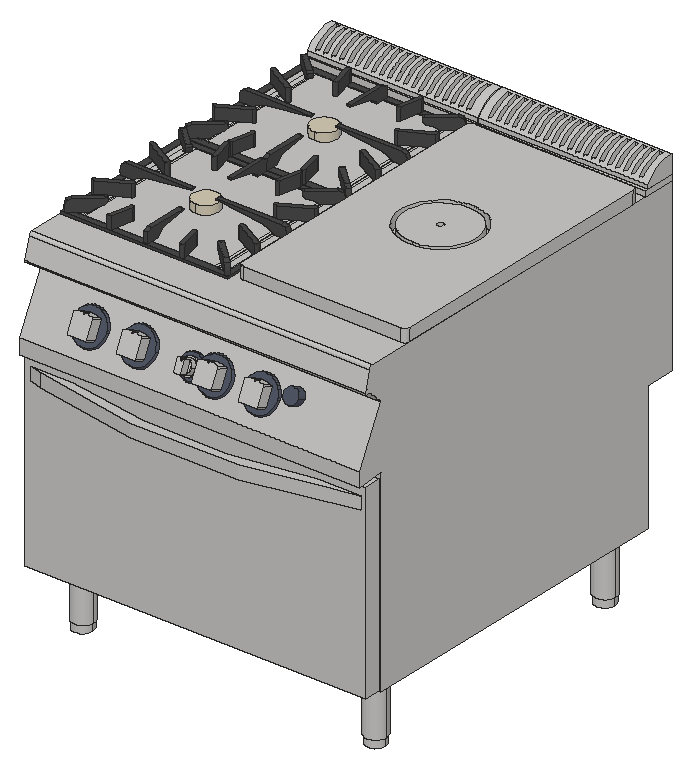
Revit family "QF_ZANUSSI_392264_Z9STGH10GA", category Specialty Equipment, Revit 2018
Family settings
  Round Connector Dimension = Use Diameter
  Part Type = Normal
  Work Plane-Based = No
  Always vertical = Yes
  Cut with Voids When Loaded = No
  Shared = No
  Room Calculation Point = No
Parameters (values of type "Standard")
  Weight = 171.00 kg
  Watts = 0 W
  Volts = 0 V
  URL Manufacturer = "http://www.zanussiprofessional.com"
  URL = "http://www.zanussiprofessional.com"
  Steam Supply Size = 0"
  Steam Supply Minimum Pressure = 0.00 psi
  Steam Supply Maximum Pressure = 0.00 psi
  Steam Pounds per Hour = 0
  Show Logo [instance] = yes
  Show Clearance [instance] = yes
  Refrigeration Suction Line Size = 0"
  Refrigeration Liquid Line Size = 0"
  Refrigerant Compressor Remote = yes
  Phase = 0
  Model = "Z9STGH10GA"
  Manufacturer = "Zanussi"
  Length Actual = 800 mm  # constant formula
  Item Number = "392264"
  Hot Water Size = 0"
  Height Actual = 850 mm  # constant formula
  HP = "0 HP"
  Gas Size = 1/2"
  Gas KW = 19
  Gas Input Pressure = 0.637167 Btu/h
  Direct Waste Size = 0"
  Description = "GAS SOLID TOP + GAS OVEN 800MM (AGA)"
  Depth Actual = 900 mm  # constant formula
  Cycle = 0 Hz
  Condensate Return Size = 0"
  Compressed Air Volume = 0 GPM
  Compressed Air Size = 0"
  Compressed Air Pressure = 0.00 psi
  Cold Water Size = 0"
  Assembly Code = ""
  Accessory = yes
Reference planes
  plane 1 "BACK": y = 0
  plane 2: z = 0
  plane 3 "LEFT": x = 0
  plane 4 "RIGHT": x = 800
  plane 5 "FRONT": y = -915
  plane 6 "TOP": z = 908
  plane 7 "Center Y": x = 400
  plane 8 "Center X": y = -457.5
  plane 9 "Base": z = 150
  plane 10: z = 850
  plane 11: y = -126
  plane 12: y = -800
  plane 13: y = -1309
  plane 14: y = -663.871
  plane 15: y = -576
Forms (mm)
  Revolve 1, solid, material "QF_Finishes_Stainless Steel"
    sketch origin (1, -126, 0) x (1, 0, 0) y (0, 0, 1)
      loop
        line (55, 0) -> (55, 150) -> (29.6, 150) -> (29.6, 19.05) -> (32.1, 19.05) -> (32.1, 0) -> (55, 0)
      axis (55, 0) -> (55, 150)
    angle from 0 to 360
  Revolve 2, solid, material "QF_Finishes_Stainless Steel"
    sketch origin (1, -799.458, 0) x (1, 0, 0) y (0, 0, 1)
      loop
        line (55, 0) -> (55, 150) -> (29.6, 150) -> (29.6, 19.05) -> (32.1, 19.05) -> (32.1, 0) -> (55, 0)
      axis (55, 0) -> (55, 150)
    angle from 0 to 360
  Revolve 3, solid, material "QF_Finishes_Stainless Steel"
    sketch origin (799, -126, 0) x (-1, 0, 0) y (0, 0, -1)
      loop
        line (55, 0) -> (32.1, 0) -> (32.1, -19.05) -> (29.6, -19.05) -> (29.6, -150) -> (55, -150) -> (55, 0)
      axis (55, 0) -> (55, -150)
    angle from 0 to 360
  Revolve 4, solid, material "QF_Finishes_Stainless Steel"
    sketch origin (799, -799.458, 0) x (-1, 0, 0) y (0, 0, -1)
      loop
        line (55, 0) -> (32.1, 0) -> (32.1, -19.05) -> (29.6, -19.05) -> (29.6, -150) -> (55, -150) -> (55, 0)
      axis (55, 0) -> (55, -150)
    angle from 0 to 360
  Extrusion 5, solid, material "QF_Finishes_Stainless Steel"
    sketch origin (0, 0, 0) x (0, 1, 0) y (0, 0, 1)
      loop
        line (0, 450.038) -> (0, 850) -> (-879.358, 850)
        arc (-879.358, 850) -> (-884.643, 847.811) -> (-886.833, 842.526) r 7.474
        line (-886.833, 842.526) -> (-899.884, 797.011)
        arc (-899.884, 797.011) -> (-899.396, 794.379) -> (-897, 793.184) r 3
        line (-897, 793.184) -> (-886.802, 793.184) -> (-854.982, 761.364) -> (-915, 640.508) -> (-915, 605.508) -> (-858.645, 613.428)
        arc (-858.645, 613.428) -> (-856.101, 612.674) -> (-855, 610.259) r 3.2
        line (-855, 610.259) -> (-855, 150) -> (-71.437, 150) -> (-71.437, 450.038) -> (0, 450.038)
      loop
        line (-900, 600) -> (-900, 155) -> (-860, 155) -> (-860, 600) -> (-900, 600)
    from 0 to 800
  Extrusion 6, solid, material "QF_Finishes_Stainless Steel"
    sketch origin (0, -199.871, 576.213) x (0, 1, 0) y (0, 0, 1)
      loop
        line (199.871, 273.787) -> (199.871, 288.075) -> (123.671, 288.075) -> (123.671, 273.787) -> (199.871, 273.787)
    from 0 to 800
  Extrusion 7, void
    sketch origin (134.989, 0, 865.138) x (-1, 0, 0) y (0, -1, 0)
      loop
        line (-295.005, 6.761) -> (-285.709, 6.761) -> (-285.709, 63.911) -> (-295.005, 63.911) -> (-295.005, 6.761)
      loop
        line (-313.697, 6.761) -> (-304.401, 6.761) -> (-304.401, 63.911) -> (-313.697, 63.911) -> (-313.697, 6.761)
      loop
        line (-332.39, 6.761) -> (-323.094, 6.761) -> (-323.094, 63.911) -> (-332.39, 63.911) -> (-332.39, 6.761)
      loop
        line (-351.082, 6.761) -> (-341.787, 6.761) -> (-341.787, 63.911) -> (-351.082, 63.911) -> (-351.082, 6.761)
      loop
        line (-369.775, 6.761) -> (-360.479, 6.761) -> (-360.479, 63.911) -> (-369.775, 63.911) -> (-369.775, 6.761)
      loop
        line (-388.468, 6.761) -> (-379.172, 6.761) -> (-379.172, 63.911) -> (-388.468, 63.911) -> (-388.468, 6.761)
      loop
        line (-407.16, 6.761) -> (-397.864, 6.761) -> (-397.864, 63.911) -> (-407.16, 63.911) -> (-407.16, 6.761)
      loop
        line (-425.853, 6.761) -> (-416.557, 6.761) -> (-416.557, 63.911) -> (-425.853, 63.911) -> (-425.853, 6.761)
      loop
        line (-444.545, 6.761) -> (-435.25, 6.761) -> (-435.25, 63.911) -> (-444.545, 63.911) -> (-444.545, 6.761)
      loop
        line (-463.238, 6.761) -> (-453.942, 6.761) -> (-453.942, 63.911) -> (-463.238, 63.911) -> (-463.238, 6.761)
      loop
        line (-481.931, 6.761) -> (-472.635, 6.761) -> (-472.635, 63.911) -> (-481.931, 63.911) -> (-481.931, 6.761)
      loop
        line (-500.623, 6.761) -> (-491.328, 6.761) -> (-491.328, 63.911) -> (-500.623, 63.911) -> (-500.623, 6.761)
      loop
        line (-519.316, 6.761) -> (-510.02, 6.761) -> (-510.02, 63.911) -> (-519.316, 63.911) -> (-519.316, 6.761)
      loop
        line (-538.008, 6.761) -> (-528.713, 6.761) -> (-528.713, 63.911) -> (-538.008, 63.911) -> (-538.008, 6.761)
      loop
        line (-556.701, 6.761) -> (-547.405, 6.761) -> (-547.405, 63.911) -> (-556.701, 63.911) -> (-556.701, 6.761)
      loop
        line (-575.394, 6.761) -> (-566.098, 6.761) -> (-566.098, 63.911) -> (-575.394, 63.911) -> (-575.394, 6.761)
      loop
        line (-594.086, 6.761) -> (-584.791, 6.761) -> (-584.791, 63.911) -> (-594.086, 63.911) -> (-594.086, 6.761)
      loop
        line (-612.779, 6.761) -> (-603.483, 6.761) -> (-603.483, 63.911) -> (-612.779, 63.911) -> (-612.779, 6.761)
      loop
        line (-631.472, 6.761) -> (-622.176, 6.761) -> (-622.176, 63.911) -> (-631.472, 63.911) -> (-631.472, 6.761)
      loop
        line (-650.164, 6.761) -> (-640.868, 6.761) -> (-640.868, 63.911) -> (-650.164, 63.911) -> (-650.164, 6.761)
    from 9.525 to 45.348
  Extrusion 8, solid, material "QF_Finishes_Stainless Steel"
    sketch origin (0, 0, 590.5) x (0, 1, 0) y (0, 0, 1)
      loop
        line (0, 273.788) -> (0, 317.5)
        arc (0, 317.5) -> (-39.072, 308.879) -> (-69.85, 283.313) r 84.854
        line (-69.85, 283.313) -> (-69.85, 273.788) -> (0, 273.788)
    from 400 to 800
  Extrusion 9, solid, material "QF_Finishes_Stainless Steel"
    sketch origin (0, -852.093, 150) x (1, 0, 0) y (0, -1, 0)
      loop
        circle (747.612, -188.222) r 6.4
    from 0 to 21
  Extrusion 10, solid, material "QF_Clearances", visible <- "Show Clearance", detail levels coarse
    sketch origin (0, -199.871, 0) x (1, 0, 0) y (0, 1, 0)
      loop
        line (-100, -715.129) -> (0, -715.129) -> (0, 199.871) -> (800, 199.871) -> (800, -715.129) -> (900, -715.129) -> (900, 299.871) -> (-100, 299.871) -> (-100, -715.129)
    from 0 to 908.85
  Extrusion 11, solid, material "QF_Finishes_Stainless Steel"
    sketch origin (17.4, -199.871, 850.85) x (0, -1, 0) y (1, 0, 0)
      loop
        arc (-99.871, 401.6) -> (-96.151, 392.62) -> (-87.171, 388.9) r 12.7
        line (-87.171, 388.9) -> (568.629, 388.9)
        arc (568.629, 388.9) -> (577.609, 392.62) -> (581.329, 401.6) r 12.7
        line (581.329, 401.6) -> (581.329, 769.9)
        arc (581.329, 769.9) -> (577.609, 778.88) -> (568.629, 782.6) r 12.7
        line (568.629, 782.6) -> (-87.171, 782.6)
        arc (-87.171, 782.6) -> (-96.151, 778.88) -> (-99.871, 769.9) r 12.7
        line (-99.871, 769.9) -> (-99.871, 401.6)
      loop
        circle (233.229, 585.75) r 82.55
      loop
        circle (233.229, 585.75) r 7
      loop
        arc (170.513, 654.365) -> (166.164, 650.514) -> (162.062, 646.399) r 93.382
        arc (162.062, 646.399) -> (199.866, 498.594) -> (325.801, 584.71) r 93.112
        arc (325.801, 584.71) -> (271.009, 670.485) -> (170.513, 654.365) r 92.763
    from 0 to 28.575
  Extrusion 12, solid, material "QF_Finishes_Stainless Steel"
    sketch origin (0, -852.093, 150) x (1, 0, 0) y (0, -1, 0)
      loop
        circle (757, -276.093) r 12.7
    from 0 to 21
  Extrusion 13, void
    sketch origin (665.011, 0, 865.138) x (1, 0, 0) y (0, 1, 0)
      loop
        line (-295.005, -6.761) -> (-295.005, -63.911) -> (-285.709, -63.911) -> (-285.709, -6.761) -> (-295.005, -6.761)
      loop
        line (-313.697, -6.761) -> (-313.697, -63.911) -> (-304.401, -63.911) -> (-304.401, -6.761) -> (-313.697, -6.761)
      loop
        line (-332.39, -6.761) -> (-332.39, -63.911) -> (-323.094, -63.911) -> (-323.094, -6.761) -> (-332.39, -6.761)
      loop
        line (-351.082, -6.761) -> (-351.082, -63.911) -> (-341.787, -63.911) -> (-341.787, -6.761) -> (-351.082, -6.761)
      loop
        line (-369.775, -6.761) -> (-369.775, -63.911) -> (-360.479, -63.911) -> (-360.479, -6.761) -> (-369.775, -6.761)
      loop
        line (-388.468, -6.761) -> (-388.468, -63.911) -> (-379.172, -63.911) -> (-379.172, -6.761) -> (-388.468, -6.761)
      loop
        line (-407.16, -6.761) -> (-407.16, -63.911) -> (-397.864, -63.911) -> (-397.864, -6.761) -> (-407.16, -6.761)
      loop
        line (-425.853, -6.761) -> (-425.853, -63.911) -> (-416.557, -63.911) -> (-416.557, -6.761) -> (-425.853, -6.761)
      loop
        line (-444.545, -6.761) -> (-444.545, -63.911) -> (-435.25, -63.911) -> (-435.25, -6.761) -> (-444.545, -6.761)
      loop
        line (-463.238, -6.761) -> (-463.238, -63.911) -> (-453.942, -63.911) -> (-453.942, -6.761) -> (-463.238, -6.761)
      loop
        line (-481.931, -6.761) -> (-481.931, -63.911) -> (-472.635, -63.911) -> (-472.635, -6.761) -> (-481.931, -6.761)
      loop
        line (-500.623, -6.761) -> (-500.623, -63.911) -> (-491.328, -63.911) -> (-491.328, -6.761) -> (-500.623, -6.761)
      loop
        line (-519.316, -6.761) -> (-519.316, -63.911) -> (-510.02, -63.911) -> (-510.02, -6.761) -> (-519.316, -6.761)
      loop
        line (-538.008, -6.761) -> (-538.008, -63.911) -> (-528.713, -63.911) -> (-528.713, -6.761) -> (-538.008, -6.761)
      loop
        line (-556.701, -6.761) -> (-556.701, -63.911) -> (-547.405, -63.911) -> (-547.405, -6.761) -> (-556.701, -6.761)
      loop
        line (-575.394, -6.761) -> (-575.394, -63.911) -> (-566.098, -63.911) -> (-566.098, -6.761) -> (-575.394, -6.761)
      loop
        line (-594.086, -6.761) -> (-594.086, -63.911) -> (-584.791, -63.911) -> (-584.791, -6.761) -> (-594.086, -6.761)
      loop
        line (-612.779, -6.761) -> (-612.779, -63.911) -> (-603.483, -63.911) -> (-603.483, -6.761) -> (-612.779, -6.761)
      loop
        line (-631.472, -6.761) -> (-631.472, -63.911) -> (-622.176, -63.911) -> (-622.176, -6.761) -> (-631.472, -6.761)
      loop
        line (-650.164, -6.761) -> (-650.164, -63.911) -> (-640.868, -63.911) -> (-640.868, -6.761) -> (-650.164, -6.761)
    from 9.525 to 45.348
  Extrusion 14, solid, material "QF_Finishes_Stainless Steel"
    sketch origin (800, 0, 590.5) x (0, 1, 0) y (0, 0, -1)
      loop
        line (0, -273.788) -> (-69.85, -273.788) -> (-69.85, -283.313)
        arc (-69.85, -283.313) -> (-39.072, -308.879) -> (0, -317.5) r 84.854
        line (0, -317.5) -> (0, -273.788)
    from 400 to 800
  Blend 15, solid, material "QF_Finishes_Navy Blue"
    base sketch origin (435.05, -884.991, 700.936) x (1, 0, 0) y (0, 0.444781, 0.895639)
      loop
        arc (-35.05, -24.037) -> (42.5, 0) -> (-35.05, 24.037) r 42.5
        arc (-35.05, 24.037) -> (-83, 0) -> (-35.05, -24.037) r 30
    top sketch origin (435.05, -884.991, 700.936) x (1, 0, 0) y (0, 0.444781, 0.895639)
      loop
        arc (-34.578, -21.086) -> (40.5, 0) -> (-34.578, 21.086) r 40.5
        arc (-34.578, 21.086) -> (-81, 0) -> (-34.578, -21.086) r 28
    from 0 to 5
  Extrusion 16, solid, material "QF_Finishes_Stainless Steel"
    sketch origin (202.55, -884.991, 700.936) x (1, 0, 0) y (0, 0.444781, 0.895639)
      loop
        circle (177.499, -0.341) r 20
    from 5 to 10
  Extrusion 17, solid, material "QF_Finishes_Stainless Steel"
    sketch origin (202.55, -884.991, 700.936) x (1, 0, 0) y (0, 0.444781, 0.895639)
      loop
        arc (211.353, 22.789) -> (210.006, 21.685) -> (209.5, 20.019) r 2.997
        line (209.5, 20.019) -> (209.5, -20.019)
        arc (209.5, -20.019) -> (210.378, -22.138) -> (212.497, -23.016) r 2.997
        line (212.497, -23.016) -> (252.503, -23.016)
        arc (252.503, -23.016) -> (254.622, -22.138) -> (255.5, -20.019) r 2.997
        line (255.5, -20.019) -> (255.5, 20.019)
        arc (255.5, 20.019) -> (254.994, 21.685) -> (253.647, 22.789) r 2.997
        arc (253.647, 22.789) -> (232.5, 26.984) -> (211.353, 22.789) r 55.4
    from 5 to 34
  Extrusion 18, solid, material "QF_Finishes_Stainless Steel"
    sketch origin (202.55, -884.991, 700.936) x (1, 0, 0) y (0, 0.444781, 0.895639)
      loop
        circle (177.499, -0.341) r 16
    from 10 to 40
  Extrusion 19, void
    sketch origin (435.05, -884.991, 700.936) x (1, 0, 0) y (0, -0.895639, 0.444781)
      loop
        line (-62.999, 24.837) -> (-62.999, 40) -> (-71.893, 40) -> (-71.893, 22) -> (-65.835, 22)
        arc (-65.835, 22) -> (-63.827, 22.828) -> (-62.999, 24.837) r 2.827
      loop
        arc (-47.003, 24.837) -> (-46.175, 22.828) -> (-44.167, 22) r 2.827
        line (-44.167, 22) -> (-38.109, 22) -> (-38.109, 40) -> (-47.003, 40) -> (-47.003, 24.837)
    from -20.019 to 20.019
  Extrusion 20, solid, material "QF_Plastic-Black-Matte"
    sketch origin (492.55, -884.991, 700.936) x (0, 0.444781, 0.895639) y (0, -0.895639, 0.444781)
      loop
        line (26.984, 34) -> (26.984, 19) -> (27.984, 19) -> (27.984, 34)
        arc (27.984, 34) -> (27.691, 34.707) -> (26.984, 35) r 1
        line (26.984, 35) -> (23.984, 35) -> (23.984, 34) -> (26.984, 34)
    from -58.5 to -56.5
  Extrusion 21, solid, material "QF_Plastic-Black-Matte"
    sketch origin (380.048, -1018.425, 432.244) x (0, -0.444781, -0.895639) y (0, -0.895639, 0.444781)
      loop
        line (-310.284, 39.984) -> (-310.284, 40.984) -> (-312.9, 40.984)
        arc (-312.9, 40.984) -> (-315.562, 39.882) -> (-316.664, 37.22) r 3.764
        line (-316.664, 37.22) -> (-316.664, 25.027) -> (-315.664, 25.027) -> (-315.664, 37.22)
        arc (-315.664, 37.22) -> (-314.855, 39.175) -> (-312.9, 39.984) r 2.764
        line (-312.9, 39.984) -> (-310.284, 39.984)
    from 1 to -1
  Extrusion 22, solid, material "QF_Finishes_Navy Blue"
    sketch origin (677.524, -876.095, 718.849) x (1, 0, 0) y (0, 0.444781, 0.895639)
      loop
        circle (-55.001, 0) r 18
    from 3 to 23
  Extrusion 23, solid, material "QF_Finishes_Stainless Steel"
    sketch origin (538.523, -876.095, 718.849) x (1, 0, 0) y (0, 0.444781, 0.895639)
      loop
        circle (84, 0) r 15
    from 3 to 0
  Blend 24, solid, material "QF_Finishes_Navy Blue"
    base sketch origin (142.5, -884.991, 700.936) x (1, 0, 0) y (0, 0.444781, 0.895639)
      loop
        circle (0, 0) r 42.5
    top sketch origin (142.5, -884.991, 700.936) x (1, 0, 0) y (0, 0.444781, 0.895639)
      loop
        circle (0, 0) r 40.5
    from 0 to 5
  Extrusion 25, solid, material "QF_Finishes_Stainless Steel"
    sketch origin (142.5, -884.991, 700.936) x (1, 0, 0) y (0, 0.444781, 0.895639)
      loop
        arc (-21.147, 22.789) -> (-22.494, 21.685) -> (-23, 20.019) r 2.997
        line (-23, 20.019) -> (-23, -20.019)
        arc (-23, -20.019) -> (-22.122, -22.138) -> (-20.003, -23.016) r 2.997
        line (-20.003, -23.016) -> (20.003, -23.016)
        arc (20.003, -23.016) -> (22.122, -22.138) -> (23, -20.019) r 2.997
        line (23, -20.019) -> (23, 20.019)
        arc (23, 20.019) -> (22.494, 21.685) -> (21.147, 22.789) r 2.997
        arc (21.147, 22.789) -> (0, 26.984) -> (-21.147, 22.789) r 55.4
    from 10 to 34
  Extrusion 26, solid, material "QF_Plastic-Black-Matte"
    sketch origin (200, -884.991, 700.936) x (0, 0.444781, 0.895639) y (0, -0.895639, 0.444781)
      loop
        line (26.984, 34) -> (26.984, 19) -> (27.984, 19) -> (27.984, 34)
        arc (27.984, 34) -> (27.691, 34.707) -> (26.984, 35) r 1
        line (26.984, 35) -> (23.984, 35) -> (23.984, 34) -> (26.984, 34)
    from -58.5 to -56.5
  Extrusion 27, solid, material "QF_Finishes_Stainless Steel"
    sketch origin (142.5, -884.991, 700.936) x (1, 0, 0) y (0, 0.444781, 0.895639)
      loop
        line (17.5, 17.5) -> (-17.5, 17.5) -> (-17.5, -17.5) -> (17.5, -17.5) -> (17.5, 17.5)
    from 5 to 10
  Extrusion 28, solid, material "QF_Plastic-Black-Matte"
    sketch origin (200, -884.991, 700.936) x (0, 0.444781, 0.895639) y (0, 0.895639, -0.444781)
      loop
        line (26.984, -34) -> (23.984, -34) -> (23.984, -35) -> (26.984, -35)
        arc (26.984, -35) -> (27.691, -34.707) -> (27.984, -34) r 1
        line (27.984, -34) -> (27.984, -19) -> (26.984, -19) -> (26.984, -34)
    from -58.5 to -56.5
  Extrusion 29, solid, material "QF_Finishes_Stainless Steel"
    sketch origin (257.5, -884.991, 700.936) x (-1, 0, 0) y (0, -0.444781, -0.895639)
      loop
        line (17.5, -17.5) -> (17.5, 17.5) -> (-17.5, 17.5) -> (-17.5, -17.5) -> (17.5, -17.5)
    from 5 to 10
  Blend 30, solid, material "QF_Finishes_Navy Blue"
    base sketch origin (257.5, -884.991, 700.936) x (1, 0, 0) y (0, 0.444781, 0.895639)
      loop
        circle (0, 0) r 42.5
    top sketch origin (257.5, -884.991, 700.936) x (1, 0, 0) y (0, 0.444781, 0.895639)
      loop
        circle (0, 0) r 40.5
    from 0 to 5
  Extrusion 31, solid, material "QF_Finishes_Stainless Steel"
    sketch origin (257.5, -884.991, 700.936) x (-1, 0, 0) y (0, -0.444781, -0.895639)
      loop
        arc (-21.147, -22.789) -> (0, -26.984) -> (21.147, -22.789) r 55.4
        arc (21.147, -22.789) -> (22.494, -21.685) -> (23, -20.019) r 2.997
        line (23, -20.019) -> (23, 20.019)
        arc (23, 20.019) -> (22.122, 22.138) -> (20.003, 23.016) r 2.997
        line (20.003, 23.016) -> (-20.003, 23.016)
        arc (-20.003, 23.016) -> (-22.122, 22.138) -> (-23, 20.019) r 2.997
        line (-23, 20.019) -> (-23, -20.019)
        arc (-23, -20.019) -> (-22.494, -21.685) -> (-21.147, -22.789) r 2.997
    from 10 to 34
  Extrusion 32, solid, material "QF_Finishes_Stainless Steel"
    sketch origin (0, -1051.437, 140.616) x (1, 0, 0) y (0, -1, 0)
      loop
        circle (757.1, -277.437) r 6.4
    from 0 to 3.2
  Extrusion 33, solid, material "QF_Finishes_Door Clearance", visible <- "Show Clearance", detail levels coarse
    sketch origin (0, -200, 0) x (0, 1, 0) y (0, 0, 1)
      loop
        arc (-700, 600) -> (-991.621, 457.58) -> (-1108.972, 155) r 445
        line (-1108.972, 155) -> (-700, 155) -> (-700, 600)
    from 0 to 800
  Extrusion 34, solid, material "QF_Finishes_Stainless Steel"
    sketch origin (0, -200, 150) x (-1, 0, 0) y (0, -1, 0)
      loop
        line (-790, 700) -> (-696.395, 700)
        arc (-696.395, 700) -> (-400, 735) -> (-103.605, 700) r 1272.5
        line (-103.605, 700) -> (-10, 700)
        arc (-10, 700) -> (-27.217, 705.295) -> (-44.506, 710.35) r 1297.5
        arc (-44.506, 710.35) -> (-418.013, 759.875) -> (-790, 700) r 1297.5
    from 400 to 430
  Blend 35, solid, material "QF_Finishes_Navy Blue"
    base sketch origin (544.55, -884.991, 700.936) x (1, 0, 0) y (0, 0.444781, 0.895639)
      loop
        circle (0, 0) r 42.5
    top sketch origin (544.55, -884.991, 700.936) x (1, 0, 0) y (0, 0.444781, 0.895639)
      loop
        circle (0, 0) r 40.5
    from 0 to 5
  Extrusion 36, solid, material "QF_Finishes_Stainless Steel"
    sketch origin (544.55, -884.991, 700.936) x (1, 0, 0) y (0, 0.444781, 0.895639)
      loop
        arc (-21.147, 22.789) -> (-22.494, 21.685) -> (-23, 20.019) r 2.997
        line (-23, 20.019) -> (-23, -20.019)
        arc (-23, -20.019) -> (-22.122, -22.138) -> (-20.003, -23.016) r 2.997
        line (-20.003, -23.016) -> (20.003, -23.016)
        arc (20.003, -23.016) -> (22.122, -22.138) -> (23, -20.019) r 2.997
        line (23, -20.019) -> (23, 20.019)
        arc (23, 20.019) -> (22.494, 21.685) -> (21.147, 22.789) r 2.997
        arc (21.147, 22.789) -> (0, 26.984) -> (-21.147, 22.789) r 55.4
    from 10 to 34
  Extrusion 37, solid, material "QF_Plastic-Black-Matte"
    sketch origin (602.05, -884.991, 700.936) x (0, 0.444781, 0.895639) y (0, -0.895639, 0.444781)
      loop
        line (26.984, 34) -> (26.984, 19) -> (27.984, 19) -> (27.984, 34)
        arc (27.984, 34) -> (27.691, 34.707) -> (26.984, 35) r 1
        line (26.984, 35) -> (23.984, 35) -> (23.984, 34) -> (26.984, 34)
    from -58.5 to -56.5
  Extrusion 38, solid, material "QF_Finishes_Stainless Steel"
    sketch origin (544.55, -884.991, 700.936) x (1, 0, 0) y (0, 0.444781, 0.895639)
      loop
        line (17.5, 17.5) -> (-17.5, 17.5) -> (-17.5, -17.5) -> (17.5, -17.5) -> (17.5, 17.5)
    from 5 to 10
Cuts and joins
  Extrusion 7, Extrusion 13 cuts Extrusion 8
  Extrusion 13 cuts Extrusion 14
  Extrusion 19 cuts Extrusion 18
Lines and regions (mm)
  Split face 1
    outline origin (435.05, -889.469, 703.16) x (1, 0, 0) y (0, 0.444781, 0.895639)
      loop
        circle (0, 33) r 1
  Split face 2
    outline origin (435.05, -889.469, 703.16) x (1, 0, 0) y (0, 0.444781, 0.895639)
      loop
        circle (-8.541, 31.876) r 1
  Split face 3
    outline origin (435.05, -889.469, 703.16) x (1, 0, 0) y (0, 0.444781, 0.895639)
      loop
        circle (-16.5, 28.579) r 1
  Split face 4
    outline origin (435.05, -889.469, 703.16) x (1, 0, 0) y (0, 0.444781, 0.895639)
      loop
        circle (-23.335, 23.335) r 1
  Split face 5
    outline origin (435.05, -889.469, 703.16) x (1, 0, 0) y (0, 0.444781, 0.895639)
      loop
        circle (-28.579, 16.5) r 1
  Split face 6
    outline origin (435.05, -889.469, 703.16) x (1, 0, 0) y (0, 0.444781, 0.895639)
      loop
        circle (-31.876, 8.541) r 1
  Split face 7
    outline origin (435.05, -889.469, 703.16) x (1, 0, 0) y (0, 0.444781, 0.895639)
      loop
        circle (-33, 0) r 1
  Split face 8
    outline origin (435.05, -889.469, 703.16) x (-1, 0, 0) y (0, 0.444781, 0.895639)
      loop
        circle (-8.541, 31.876) r 1
  Split face 9
    outline origin (435.05, -889.469, 703.16) x (-1, 0, 0) y (0, 0.444781, 0.895639)
      loop
        circle (-16.5, 28.579) r 1
  Split face 10
    outline origin (435.05, -889.469, 703.16) x (-1, 0, 0) y (0, 0.444781, 0.895639)
      loop
        circle (-23.335, 23.335) r 1
  Split face 11
    outline origin (435.05, -889.469, 703.16) x (-1, 0, 0) y (0, 0.444781, 0.895639)
      loop
        circle (-28.579, 16.5) r 1
  Split face 12
    outline origin (435.05, -889.469, 703.16) x (-1, 0, 0) y (0, 0.444781, 0.895639)
      loop
        circle (-31.876, 8.541) r 1
  Split face 13
    outline origin (435.05, -889.469, 703.16) x (1, 0, 0) y (0, -0.444781, -0.895639)
      loop
        circle (0, 33) r 1
  Split face 14
    outline origin (435.05, -889.469, 703.16) x (1, 0, 0) y (0, -0.444781, -0.895639)
      loop
        circle (-8.541, 31.876) r 1
  Split face 15
    outline origin (435.05, -889.469, 703.16) x (1, 0, 0) y (0, -0.444781, -0.895639)
      loop
        circle (-16.5, 28.579) r 1
  Split face 16
    outline origin (435.05, -889.469, 703.16) x (1, 0, 0) y (0, -0.444781, -0.895639)
      loop
        circle (-23.335, 23.335) r 1
  Split face 17
    outline origin (435.05, -889.469, 703.16) x (1, 0, 0) y (0, -0.444781, -0.895639)
      loop
        circle (-28.579, 16.5) r 1
  Split face 18
    outline origin (435.05, -889.469, 703.16) x (1, 0, 0) y (0, -0.444781, -0.895639)
      loop
        circle (-31.876, 8.541) r 1
  Split face 19
    outline origin (435.05, -889.469, 703.16) x (-1, 0, 0) y (0, -0.444781, -0.895639)
      loop
        circle (-8.541, 31.876) r 1
  Split face 20
    outline origin (435.05, -889.469, 703.16) x (-1, 0, 0) y (0, -0.444781, -0.895639)
      loop
        circle (-16.5, 28.579) r 1
  Split face 21
    outline origin (435.05, -889.469, 703.16) x (-1, 0, 0) y (0, -0.444781, -0.895639)
      loop
        circle (-23.335, 23.335) r 1
  Split face 22
    outline origin (435.05, -889.469, 703.16) x (-1, 0, 0) y (0, -0.444781, -0.895639)
      loop
        circle (-28.579, 16.5) r 1
  Split face 23
    outline origin (435.05, -889.469, 703.16) x (-1, 0, 0) y (0, -0.444781, -0.895639)
      loop
        circle (-31.876, 8.541) r 1
  Split face 24
    outline origin (435.05, -889.469, 703.16) x (1, 0, 0) y (0, 0.444781, 0.895639)
      loop
        circle (33, 0) r 1
  Split face 25
    outline origin (435.05, -889.469, 703.16) x (1, 0, 0) y (0, 0.444781, 0.895639)
      loop
        circle (-55.001, 22) r 1.508
  Split face 26
    outline origin (436.176, -885.216, 711.725) x (1, 0, 0) y (0, 0.444781, 0.895639)
      loop
        circle (-77.001, 0) r 1.343
  Split face 27
    outline origin (435.05, -889.469, 703.16) x (1, 0, 0) y (0, 0.444781, 0.895639)
      loop
        line (-56.273, -20.786) -> (-56.273, -25.164) -> (-53.729, -25.164) -> (-53.729, -20.786) -> (-56.273, -20.786)
  Split face 28
    outline origin (435.05, -889.469, 703.16) x (1, 0, 0) y (0, 0.444781, 0.895639)
      loop
        line (-70.261, 16.732) -> (-67.433, 19.559) -> (-71.077, 17.548) -> (-70.261, 16.732)
  Split face 29
    outline origin (142.5, -889.469, 703.16) x (1, 0, 0) y (0, 0.444781, 0.895639)
      loop
        circle (-33, 0) r 3
  Split face 30
    outline origin (263.401, -889.469, 703.16) x (1, 0, 0) y (0, 0.444781, 0.895639)
      loop
        line (-8.901, 38.561) -> (-8.901, 28.561) -> (-2.901, 28.561) -> (-2.901, 38.561) -> (-8.901, 38.561)
  Split face 31
    outline origin (263.401, -889.469, 703.16) x (1, 0, 0) y (0, 0.444781, 0.895639)
      loop
        line (-8.401, 38.061) -> (-8.401, 29.061) -> (-3.401, 29.061) -> (-3.401, 38.061) -> (-8.401, 38.061)
  Split face 32
    outline origin (263.401, -889.469, 703.16) x (1, 0, 0) y (0, 0.444781, 0.895639)
      loop
        line (-8.401, 33.561) -> (-3.401, 33.561)
  Split face 33
    outline origin (263.401, -889.469, 703.16) x (1, 0, 0) y (0, 0.444781, 0.895639)
      loop
        line (-8.401, 33.061) -> (-3.401, 33.061)
  Split face 34
    outline origin (148.401, -889.469, 703.16) x (1, 0, 0) y (0, 0.444781, 0.895639)
      loop
        line (-8.901, 38.561) -> (-8.901, 28.561) -> (-2.901, 28.561) -> (-2.901, 38.561) -> (-8.901, 38.561)
  Split face 35
    outline origin (148.401, -889.469, 703.16) x (1, 0, 0) y (0, 0.444781, 0.895639)
      loop
        line (-8.401, 38.061) -> (-8.401, 29.061) -> (-3.401, 29.061) -> (-3.401, 38.061) -> (-8.401, 38.061)
  Split face 36
    outline origin (148.401, -889.469, 703.16) x (1, 0, 0) y (0, 0.444781, 0.895639)
      loop
        line (-8.401, 34.061) -> (-3.401, 34.061)
  Split face 37
    outline origin (148.401, -889.469, 703.16) x (1, 0, 0) y (0, 0.444781, 0.895639)
      loop
        line (-8.401, 33.561) -> (-3.401, 33.561)
  Split face 38
    outline origin (168.157, -875.159, 731.975) x (-1, 0, 0) y (0, -0.444781, -0.895639)
      loop
        circle (43.456, 61.543) r 1.5
  Split face 39
    outline origin (148.401, -889.469, 703.16) x (1, 0, 0) y (0, 0.444781, 0.895639)
      loop
        circle (-5.901, 31.311) r 2.029
  Split face 40
    outline origin (263.401, -889.469, 703.16) x (1, 0, 0) y (0, 0.444781, 0.895639)
      loop
        circle (-5.901, 35.811) r 2.031
  Split face 41
    outline origin (142.5, -889.469, 703.16) x (1, 0, 0) y (0, 0.444781, 0.895639)
      loop
        circle (-24.487, 26.694) r 3.497
  Split face 42
    outline origin (257.5, -889.469, 703.16) x (1, 0, 0) y (0, 0.444781, 0.895639)
      loop
        circle (-24.487, 26.694) r 3.497
  Split face 43
    outline origin (257.5, -889.469, 703.16) x (1, 0, 0) y (0, 0.444781, 0.895639)
      loop
        circle (-33, 0) r 3
  Split face 44
    outline origin (257.5, -889.469, 703.16) x (1, 0, 0) y (0, 0.444781, 0.895639)
      loop
        circle (-17.8, -29.371) r 1.5
  Split face 45
    outline origin (544.55, -889.469, 703.16) x (1, 0, 0) y (0, 0.444781, 0.895639)
      loop
        circle (-33, 0) r 3
  Split face 46
    outline origin (550.45, -889.469, 703.16) x (1, 0, 0) y (0, 0.444781, 0.895639)
      loop
        line (-8.901, 38.561) -> (-8.901, 28.561) -> (-2.901, 28.561) -> (-2.901, 38.561) -> (-8.901, 38.561)
  Split face 47
    outline origin (550.45, -889.469, 703.16) x (1, 0, 0) y (0, 0.444781, 0.895639)
      loop
        line (-8.401, 38.061) -> (-8.401, 29.061) -> (-3.401, 29.061) -> (-3.401, 38.061) -> (-8.401, 38.061)
  Split face 48
    outline origin (550.45, -889.469, 703.16) x (1, 0, 0) y (0, 0.444781, 0.895639)
      loop
        line (-8.401, 34.061) -> (-3.401, 34.061)
  Split face 49
    outline origin (550.45, -889.469, 703.16) x (1, 0, 0) y (0, 0.444781, 0.895639)
      loop
        line (-8.401, 33.561) -> (-3.401, 33.561)
  Split face 50
    outline origin (570.206, -875.159, 731.975) x (-1, 0, 0) y (0, -0.444781, -0.895639)
      loop
        circle (43.456, 61.543) r 1.5
  Split face 51
    outline origin (550.45, -889.469, 703.16) x (1, 0, 0) y (0, 0.444781, 0.895639)
      loop
        circle (-5.901, 31.311) r 2.029
  Split face 52
    outline origin (544.55, -889.469, 703.16) x (1, 0, 0) y (0, 0.444781, 0.895639)
      loop
        circle (-24.487, 26.694) r 3.497
  symbolic lines, style "QF_Door-Drawer Clearances"
    curve 1: line (0, -915, 150) -> (0, -1308.871, 150)
    curve 2: line (0, -1308.871, 150) -> (800, -1308.871, 150)
    curve 3: line (800, -1308.871, 150) -> (800, -915, 150)
  symbolic lines
    curve 4: line (0, 0, 150) -> (0, -915, 150)
    curve 5: line (0, -69.85, 150) -> (800, -69.85, 150)
    curve 6: line (0, -76.2, 150) -> (800, -76.2, 150)
    curve 7: line (800, -915, 150) -> (800, 0, 150)
    curve 8: line (0, 0, 150) -> (800, 0, 150)
    curve 9: line (429.994, -6.761, 150) -> (429.994, -63.911, 150)
    curve 10: line (429.994, -63.911, 150) -> (420.698, -63.911, 150)
    curve 11: line (420.698, -63.911, 150) -> (420.698, -6.761, 150)
    curve 12: line (420.698, -6.761, 150) -> (429.994, -6.761, 150)
    curve 13: line (635.612, -6.761, 150) -> (635.612, -63.911, 150)
    curve 14: line (635.612, -63.911, 150) -> (626.317, -63.911, 150)
    curve 15: line (626.317, -63.911, 150) -> (626.317, -6.761, 150)
    curve 16: line (626.317, -6.761, 150) -> (635.612, -6.761, 150)
    curve 17: line (616.92, -6.761, 150) -> (616.92, -63.911, 150)
    curve 18: line (616.92, -63.911, 150) -> (607.624, -63.911, 150)
    curve 19: line (607.624, -63.911, 150) -> (607.624, -6.761, 150)
    curve 20: line (607.624, -6.761, 150) -> (616.92, -6.761, 150)
    curve 21: line (598.227, -6.761, 150) -> (598.227, -63.911, 150)
    curve 22: line (598.227, -63.911, 150) -> (588.931, -63.911, 150)
    curve 23: line (588.931, -63.911, 150) -> (588.931, -6.761, 150)
    curve 24: line (588.931, -6.761, 150) -> (598.227, -6.761, 150)
    curve 25: line (579.534, -6.761, 150) -> (579.534, -63.911, 150)
    curve 26: line (579.534, -63.911, 150) -> (570.239, -63.911, 150)
    curve 27: line (570.239, -63.911, 150) -> (570.239, -6.761, 150)
    curve 28: line (570.239, -6.761, 150) -> (579.534, -6.761, 150)
    curve 29: line (560.842, -6.761, 150) -> (560.842, -63.911, 150)
    curve 30: line (560.842, -63.911, 150) -> (551.546, -63.911, 150)
    curve 31: line (551.546, -63.911, 150) -> (551.546, -6.761, 150)
    curve 32: line (551.546, -6.761, 150) -> (560.842, -6.761, 150)
    curve 33: line (542.149, -6.761, 150) -> (542.149, -63.911, 150)
    curve 34: line (542.149, -63.911, 150) -> (532.854, -63.911, 150)
    curve 35: line (532.854, -63.911, 150) -> (532.854, -6.761, 150)
    curve 36: line (532.854, -6.761, 150) -> (542.149, -6.761, 150)
    curve 37: line (523.457, -6.761, 150) -> (523.457, -63.911, 150)
    curve 38: line (523.457, -63.911, 150) -> (514.161, -63.911, 150)
    curve 39: line (514.161, -63.911, 150) -> (514.161, -6.761, 150)
    curve 40: line (514.161, -6.761, 150) -> (523.457, -6.761, 150)
    curve 41: line (504.764, -6.761, 150) -> (504.764, -63.911, 150)
    curve 42: line (504.764, -63.911, 150) -> (495.468, -63.911, 150)
    curve 43: line (495.468, -63.911, 150) -> (495.468, -6.761, 150)
    curve 44: line (495.468, -6.761, 150) -> (504.764, -6.761, 150)
    curve 45: line (486.071, -6.761, 150) -> (486.071, -63.911, 150)
    curve 46: line (486.071, -63.911, 150) -> (476.776, -63.911, 150)
    curve 47: line (476.776, -63.911, 150) -> (476.776, -6.761, 150)
    curve 48: line (476.776, -6.761, 150) -> (486.071, -6.761, 150)
    curve 49: line (467.379, -6.761, 150) -> (467.379, -63.911, 150)
    curve 50: line (467.379, -63.911, 150) -> (458.083, -63.911, 150)
    curve 51: line (458.083, -63.911, 150) -> (458.083, -6.761, 150)
    curve 52: line (458.083, -6.761, 150) -> (467.379, -6.761, 150)
    curve 53: line (448.686, -6.761, 150) -> (448.686, -63.911, 150)
    curve 54: line (448.686, -63.911, 150) -> (439.39, -63.911, 150)
    curve 55: line (439.39, -63.911, 150) -> (439.39, -6.761, 150)
    curve 56: line (439.39, -6.761, 150) -> (448.686, -6.761, 150)
    curve 57: line (785.153, -6.761, 150) -> (785.153, -63.911, 150)
    curve 58: line (785.153, -63.911, 150) -> (775.857, -63.911, 150)
    curve 59: line (775.857, -63.911, 150) -> (775.857, -6.761, 150)
    curve 60: line (775.857, -6.761, 150) -> (785.153, -6.761, 150)
    curve 61: line (766.461, -6.761, 150) -> (766.461, -63.911, 150)
    curve 62: line (766.461, -63.911, 150) -> (757.165, -63.911, 150)
    curve 63: line (757.165, -63.911, 150) -> (757.165, -6.761, 150)
    curve 64: line (757.165, -6.761, 150) -> (766.461, -6.761, 150)
    curve 65: line (747.768, -6.761, 150) -> (747.768, -63.911, 150)
    curve 66: line (747.768, -63.911, 150) -> (738.472, -63.911, 150)
    curve 67: line (738.472, -63.911, 150) -> (738.472, -6.761, 150)
    curve 68: line (738.472, -6.761, 150) -> (747.768, -6.761, 150)
    curve 69: line (729.075, -6.761, 150) -> (729.075, -63.911, 150)
    curve 70: line (729.075, -63.911, 150) -> (719.78, -63.911, 150)
    curve 71: line (719.78, -63.911, 150) -> (719.78, -6.761, 150)
    curve 72: line (719.78, -6.761, 150) -> (729.075, -6.761, 150)
    curve 73: line (710.383, -6.761, 150) -> (710.383, -63.911, 150)
    curve 74: line (710.383, -63.911, 150) -> (701.087, -63.911, 150)
    curve 75: line (701.087, -63.911, 150) -> (701.087, -6.761, 150)
    curve 76: line (701.087, -6.761, 150) -> (710.383, -6.761, 150)
    curve 77: line (691.69, -6.761, 150) -> (691.69, -63.911, 150)
    curve 78: line (691.69, -63.911, 150) -> (682.394, -63.911, 150)
    curve 79: line (682.394, -63.911, 150) -> (682.394, -6.761, 150)
    curve 80: line (682.394, -6.761, 150) -> (691.69, -6.761, 150)
    curve 81: line (672.998, -6.761, 150) -> (672.998, -63.911, 150)
    curve 82: line (672.998, -63.911, 150) -> (663.702, -63.911, 150)
    curve 83: line (663.702, -63.911, 150) -> (663.702, -6.761, 150)
    curve 84: line (663.702, -6.761, 150) -> (672.998, -6.761, 150)
    curve 85: line (654.305, -6.761, 150) -> (654.305, -63.911, 150)
    curve 86: line (654.305, -63.911, 150) -> (645.009, -63.911, 150)
    curve 87: line (645.009, -63.911, 150) -> (645.009, -6.761, 150)
    curve 88: line (645.009, -6.761, 150) -> (654.305, -6.761, 150)
    curve 92: line (400, -69.85, 150) -> (400, 0, 150)
    curve 93: line (800, -69.85, 150) -> (800, 0, 150)
    curve 94: line (406.3, -112.7, 150) -> (406.3, -768.5, 150)
    curve 95: arc (406.3, -768.5, 150) -> (410.02, -777.48, 150) -> (419, -781.2, 150) r 12.7
    curve 96: line (419, -781.2, 150) -> (752.3, -781.2, 150)
    curve 97: line (752.3, -100, 150) -> (419, -100, 150)
    curve 98: arc (419, -100, 150) -> (410.02, -103.72, 150) -> (406.3, -112.7, 150) r 12.7
    curve 99: line (765, -768.5, 150) -> (765, -112.7, 150)
    curve 100: arc (765, -112.7, 150) -> (761.28, -103.72, 150) -> (752.3, -100, 150) r 12.7
    curve 101: arc (752.3, -781.2, 150) -> (761.28, -777.48, 150) -> (765, -768.5, 150) r 12.7
    curve 102: line (370.006, -6.761, 150) -> (370.006, -63.911, 150)
    curve 103: line (370.006, -63.911, 150) -> (379.302, -63.911, 150)
    curve 104: line (379.302, -63.911, 150) -> (379.302, -6.761, 150)
    curve 105: line (379.302, -6.761, 150) -> (370.006, -6.761, 150)
    curve 106: line (164.388, -6.761, 150) -> (164.388, -63.911, 150)
    curve 107: line (164.388, -63.911, 150) -> (173.683, -63.911, 150)
    curve 108: line (173.683, -63.911, 150) -> (173.683, -6.761, 150)
    curve 109: line (173.683, -6.761, 150) -> (164.388, -6.761, 150)
    curve 110: line (183.08, -6.761, 150) -> (183.08, -63.911, 150)
    curve 111: line (183.08, -63.911, 150) -> (192.376, -63.911, 150)
    curve 112: line (192.376, -63.911, 150) -> (192.376, -6.761, 150)
    curve 113: line (192.376, -6.761, 150) -> (183.08, -6.761, 150)
    curve 114: line (201.773, -6.761, 150) -> (201.773, -63.911, 150)
    curve 115: line (201.773, -63.911, 150) -> (211.069, -63.911, 150)
    curve 116: line (211.069, -63.911, 150) -> (211.069, -6.761, 150)
    curve 117: line (211.069, -6.761, 150) -> (201.773, -6.761, 150)
    curve 118: line (220.466, -6.761, 150) -> (220.466, -63.911, 150)
    curve 119: line (220.466, -63.911, 150) -> (229.761, -63.911, 150)
    curve 120: line (229.761, -63.911, 150) -> (229.761, -6.761, 150)
    curve 121: line (229.761, -6.761, 150) -> (220.466, -6.761, 150)
    curve 122: line (239.158, -6.761, 150) -> (239.158, -63.911, 150)
    curve 123: line (239.158, -63.911, 150) -> (248.454, -63.911, 150)
    curve 124: line (248.454, -63.911, 150) -> (248.454, -6.761, 150)
    curve 125: line (248.454, -6.761, 150) -> (239.158, -6.761, 150)
    curve 126: line (257.851, -6.761, 150) -> (257.851, -63.911, 150)
    curve 127: line (257.851, -63.911, 150) -> (267.146, -63.911, 150)
    curve 128: line (267.146, -63.911, 150) -> (267.146, -6.761, 150)
    curve 129: line (267.146, -6.761, 150) -> (257.851, -6.761, 150)
    curve 130: line (276.543, -6.761, 150) -> (276.543, -63.911, 150)
    curve 131: line (276.543, -63.911, 150) -> (285.839, -63.911, 150)
    curve 132: line (285.839, -63.911, 150) -> (285.839, -6.761, 150)
    curve 133: line (285.839, -6.761, 150) -> (276.543, -6.761, 150)
    curve 134: line (295.236, -6.761, 150) -> (295.236, -63.911, 150)
    curve 135: line (295.236, -63.911, 150) -> (304.532, -63.911, 150)
    curve 136: line (304.532, -63.911, 150) -> (304.532, -6.761, 150)
    curve 137: line (304.532, -6.761, 150) -> (295.236, -6.761, 150)
    curve 138: line (313.929, -6.761, 150) -> (313.929, -63.911, 150)
    curve 139: line (313.929, -63.911, 150) -> (323.224, -63.911, 150)
    curve 140: line (323.224, -63.911, 150) -> (323.224, -6.761, 150)
    curve 141: line (323.224, -6.761, 150) -> (313.929, -6.761, 150)
    curve 142: line (332.621, -6.761, 150) -> (332.621, -63.911, 150)
    curve 143: line (332.621, -63.911, 150) -> (341.917, -63.911, 150)
    curve 144: line (341.917, -63.911, 150) -> (341.917, -6.761, 150)
    curve 145: line (341.917, -6.761, 150) -> (332.621, -6.761, 150)
    curve 146: line (351.314, -6.761, 150) -> (351.314, -63.911, 150)
    curve 147: line (351.314, -63.911, 150) -> (360.61, -63.911, 150)
    curve 148: line (360.61, -63.911, 150) -> (360.61, -6.761, 150)
    curve 149: line (360.61, -6.761, 150) -> (351.314, -6.761, 150)
    curve 150: line (14.847, -6.761, 150) -> (14.847, -63.911, 150)
    curve 151: line (14.847, -63.911, 150) -> (24.143, -63.911, 150)
    curve 152: line (24.143, -63.911, 150) -> (24.143, -6.761, 150)
    curve 153: line (24.143, -6.761, 150) -> (14.847, -6.761, 150)
    curve 154: line (33.539, -6.761, 150) -> (33.539, -63.911, 150)
    curve 155: line (33.539, -63.911, 150) -> (42.835, -63.911, 150)
    curve 156: line (42.835, -63.911, 150) -> (42.835, -6.761, 150)
    curve 157: line (42.835, -6.761, 150) -> (33.539, -6.761, 150)
    curve 158: line (52.232, -6.761, 150) -> (52.232, -63.911, 150)
    curve 159: line (52.232, -63.911, 150) -> (61.528, -63.911, 150)
    curve 160: line (61.528, -63.911, 150) -> (61.528, -6.761, 150)
    curve 161: line (61.528, -6.761, 150) -> (52.232, -6.761, 150)
    curve 162: line (70.925, -6.761, 150) -> (70.925, -63.911, 150)
    curve 163: line (70.925, -63.911, 150) -> (80.22, -63.911, 150)
    curve 164: line (80.22, -63.911, 150) -> (80.22, -6.761, 150)
    curve 165: line (80.22, -6.761, 150) -> (70.925, -6.761, 150)
    curve 166: line (89.617, -6.761, 150) -> (89.617, -63.911, 150)
    curve 167: line (89.617, -63.911, 150) -> (98.913, -63.911, 150)
    curve 168: line (98.913, -63.911, 150) -> (98.913, -6.761, 150)
    curve 169: line (98.913, -6.761, 150) -> (89.617, -6.761, 150)
    curve 170: line (108.31, -6.761, 150) -> (108.31, -63.911, 150)
    curve 171: line (108.31, -63.911, 150) -> (117.606, -63.911, 150)
    curve 172: line (117.606, -63.911, 150) -> (117.606, -6.761, 150)
    curve 173: line (117.606, -6.761, 150) -> (108.31, -6.761, 150)
    curve 174: line (127.002, -6.761, 150) -> (127.002, -63.911, 150)
    curve 175: line (127.002, -63.911, 150) -> (136.298, -63.911, 150)
    curve 176: line (136.298, -63.911, 150) -> (136.298, -6.761, 150)
    curve 177: line (136.298, -6.761, 150) -> (127.002, -6.761, 150)
    curve 178: line (145.695, -6.761, 150) -> (145.695, -63.911, 150)
    curve 179: line (145.695, -63.911, 150) -> (154.991, -63.911, 150)
    curve 180: line (154.991, -63.911, 150) -> (154.991, -6.761, 150)
    curve 181: line (154.991, -6.761, 150) -> (145.695, -6.761, 150)
    curve 182: line (0, -69.85, 150) -> (0, 0, 150)
    curve 183: line (412.05, -900, 0) -> (412.05, -924.347, 0)
    curve 184: arc (412.05, -924.347, 0) -> (412.196, -924.811, 0) -> (412.582, -925.107, 0) r 0.809
    curve 185: arc (412.582, -925.107, 0) -> (413.769, -925.587, 0) -> (415.047, -925.68, 0) r 4.127
    curve 186: arc (412.05, -904.292, 0) -> (407.008, -902.458, 0) -> (402.24, -900, 0) r 42.24
    curve 187: arc (412.05, -906.539, 0) -> (412.552, -905.818, 0) -> (413.349, -905.448, 0) r 1.682
    curve 188: arc (413.349, -905.448, 0) -> (423.651, -903.95, 0) -> (434.05, -903.441, 0) r 109.079
    curve 189: line (434.05, -900, 0) -> (434.05, -905.671, 0)
    curve 190: line (434.05, -905.671, 0) -> (436.05, -905.671, 0)
    curve 191: line (436.05, -905.671, 0) -> (436.05, -900, 0)
    curve 192: line (458.05, -900, 0) -> (458.05, -924.347, 0)
    curve 193: arc (458.05, -924.347, 0) -> (457.903, -924.811, 0) -> (457.517, -925.107, 0) r 0.809
    curve 194: arc (457.517, -925.107, 0) -> (456.33, -925.587, 0) -> (455.052, -925.68, 0) r 4.127
    curve 195: arc (458.05, -904.292, 0) -> (463.091, -902.458, 0) -> (467.859, -900, 0) r 42.24
    curve 196: arc (458.05, -906.539, 0) -> (457.547, -905.818, 0) -> (456.75, -905.448, 0) r 1.682
    curve 197: arc (456.75, -905.448, 0) -> (446.448, -903.95, 0) -> (436.05, -903.441, 0) r 109.079
    curve 198: line (415.047, -925.68, 0) -> (455.052, -925.68, 0)
    curve 199: line (521.55, -900, 0) -> (521.55, -924.347, 0)
    curve 200: arc (521.55, -924.347, 0) -> (521.696, -924.811, 0) -> (522.082, -925.107, 0) r 0.809
    curve 201: arc (522.082, -925.107, 0) -> (523.269, -925.587, 0) -> (524.547, -925.68, 0) r 4.127
    curve 202: arc (521.55, -904.292, 0) -> (516.508, -902.458, 0) -> (511.74, -900, 0) r 42.24
    curve 203: arc (521.55, -906.539, 0) -> (522.052, -905.818, 0) -> (522.849, -905.448, 0) r 1.682
    curve 204: arc (522.849, -905.448, 0) -> (533.151, -903.95, 0) -> (543.55, -903.441, 0) r 109.079
    curve 205: line (543.55, -900, 0) -> (543.55, -905.671, 0)
    curve 206: line (543.55, -905.671, 0) -> (545.55, -905.671, 0)
    curve 207: line (545.55, -905.671, 0) -> (545.55, -900, 0)
    curve 208: line (567.55, -900, 0) -> (567.55, -924.347, 0)
    curve 209: arc (567.55, -924.347, 0) -> (567.403, -924.811, 0) -> (567.017, -925.107, 0) r 0.809
    curve 210: arc (567.017, -925.107, 0) -> (565.83, -925.587, 0) -> (564.552, -925.68, 0) r 4.127
    curve 211: arc (567.55, -904.292, 0) -> (572.591, -902.458, 0) -> (577.359, -900, 0) r 42.24
    curve 212: arc (567.55, -906.539, 0) -> (567.047, -905.818, 0) -> (566.25, -905.448, 0) r 1.682
    curve 213: arc (566.25, -905.448, 0) -> (555.948, -903.95, 0) -> (545.55, -903.441, 0) r 109.079
    curve 214: line (524.547, -925.68, 0) -> (564.552, -925.68, 0)
    curve 215: line (372.051, -925.977, 908.9) -> (372.051, -901.224, 908.9)
    curve 216: line (388.046, -901.224, 908.9) -> (388.046, -925.977, 908.9)
    curve 217: spline (369.415, -910.164, 908.9) -> (367.926, -909.491, 908.9) -> (366.65, -908.737, 908.9) -> (365.611, -907.914, 908.9) -> (364.825, -907.037, 908.9) -> (364.307, -906.121, 908.9) -> (364.066, -905.183, 908.9) -> (364.107, -904.239, 908.9) -> (364.428, -903.306, 908.9) -> (365.024, -902.4, 908.9) -> (365.884, -901.537, 908.9) -> (366.993, -900.732, 908.9) -> (368.333, -900, 908.9)
    curve 218: spline (391.763, -900, 908.9) -> (393.107, -900.735, 908.9) -> (394.22, -901.543, 908.9) -> (395.081, -902.41, 908.9) -> (395.677, -903.319, 908.9) -> (395.995, -904.256, 908.9) -> (396.031, -905.204, 908.9) -> (395.784, -906.145, 908.9) -> (395.258, -907.063, 908.9) -> (394.463, -907.942, 908.9) -> (393.412, -908.766, 908.9) -> (392.125, -909.521, 908.9) -> (390.624, -910.193, 908.9)
    curve 219: spline (390.624, -910.193, 908.9) -> (390.343, -910.322, 908.9) -> (390.062, -910.487, 908.9) -> (389.784, -910.686, 908.9) -> (389.514, -910.917, 908.9) -> (389.256, -911.177, 908.9) -> (389.012, -911.461, 908.9) -> (388.787, -911.765, 908.9) -> (388.585, -912.085, 908.9) -> (388.407, -912.416, 908.9) -> (388.256, -912.754, 908.9) -> (388.136, -913.094, 908.9) -> (388.046, -913.43, 908.9)
    curve 220: spline (372.051, -913.341, 908.9) -> (371.979, -912.987, 908.9) -> (371.871, -912.634, 908.9) -> (371.73, -912.286, 908.9) -> (371.557, -911.949, 908.9) -> (371.355, -911.628, 908.9) -> (371.127, -911.327, 908.9) -> (370.876, -911.051, 908.9) -> (370.606, -910.803, 908.9) -> (370.32, -910.588, 908.9) -> (370.024, -910.408, 908.9) -> (369.721, -910.266, 908.9) -> (369.415, -910.164, 908.9)
    curve 221: line (364.048, -904.847, 908.9) -> (364.048, -900, 908.9)
    curve 222: line (396.051, -904.85, 908.9) -> (396.051, -900, 908.9)
    curve 223: arc (372.051, -925.977, 908.9) -> (380.048, -927.063, 908.9) -> (388.046, -925.977, 908.9) r 30
    curve 224: arc (372.051, -901.224, 0) -> (371.952, -900.567, 0) -> (371.605, -900, 0) r 1.677
    curve 225: arc (388.046, -901.224, 0) -> (388.145, -900.567, 0) -> (388.492, -900, 0) r 1.677
    curve 226: line (388.046, -915.129, 0) -> (412.05, -915.129, 0)
    curve 227: line (458.05, -915.129, 0) -> (521.55, -915.129, 0)
    curve 228: line (800, -915.129, 0) -> (567.55, -915.129, 0)
    curve 229: line (372.051, -915.129, 0) -> (280.5, -915.129, 0)
    curve 230: line (800, -900.129, 0) -> (0, -900.129, 0)
    curve 231: spline (606.263, -900.129, 0) -> (607.991, -901.42, 0) -> (610.231, -902.544, 0) -> (612.904, -903.462, 0) -> (615.916, -904.142, 0) -> (619.16, -904.56, 0) -> (622.523, -904.701, 0) -> (625.885, -904.56, 0) -> (629.129, -904.142, 0) -> (632.141, -903.462, 0) -> (634.814, -902.544, 0) -> (637.054, -901.42, 0) -> (638.783, -900.129, 0)
    curve 232: line (234.5, -900, 0) -> (234.5, -924.347, 0)
    curve 233: arc (234.5, -924.347, 0) -> (234.646, -924.811, 0) -> (235.032, -925.107, 0) r 0.809
    curve 234: arc (235.032, -925.107, 0) -> (236.22, -925.587, 0) -> (237.497, -925.68, 0) r 4.127
    curve 235: arc (234.5, -904.292, 0) -> (229.459, -902.458, 0) -> (224.691, -900, 0) r 42.24
    curve 236: arc (234.5, -906.539, 0) -> (235.002, -905.818, 0) -> (235.799, -905.448, 0) r 1.682
    curve 237: arc (235.799, -905.448, 0) -> (246.102, -903.95, 0) -> (256.5, -903.441, 0) r 109.079
    curve 238: line (256.5, -900, 0) -> (256.5, -905.671, 0)
    curve 239: line (256.5, -905.671, 0) -> (258.5, -905.671, 0)
    curve 240: line (258.5, -905.671, 0) -> (258.5, -900, 0)
    curve 241: line (280.5, -900, 0) -> (280.5, -924.347, 0)
    curve 242: arc (280.5, -924.347, 0) -> (280.354, -924.811, 0) -> (279.968, -925.107, 0) r 0.809
    curve 243: arc (279.968, -925.107, 0) -> (278.78, -925.587, 0) -> (277.503, -925.68, 0) r 4.127
    curve 244: arc (280.5, -904.292, 0) -> (285.541, -902.458, 0) -> (290.309, -900, 0) r 42.24
    curve 245: arc (280.5, -906.539, 0) -> (279.998, -905.818, 0) -> (279.201, -905.448, 0) r 1.682
    curve 246: arc (279.201, -905.448, 0) -> (268.898, -903.95, 0) -> (258.5, -903.441, 0) r 109.079
    curve 247: line (237.497, -925.68, 0) -> (277.503, -925.68, 0)
    curve 248: line (119.5, -900, 0) -> (119.5, -924.347, 0)
    curve 249: arc (119.5, -924.347, 0) -> (119.646, -924.811, 0) -> (120.032, -925.107, 0) r 0.809
    curve 250: arc (120.032, -925.107, 0) -> (121.22, -925.587, 0) -> (122.497, -925.68, 0) r 4.127
    curve 251: arc (119.5, -904.292, 0) -> (114.459, -902.458, 0) -> (109.691, -900, 0) r 42.24
    curve 252: arc (119.5, -906.539, 0) -> (120.002, -905.818, 0) -> (120.799, -905.448, 0) r 1.682
    curve 253: arc (120.799, -905.448, 0) -> (131.102, -903.95, 0) -> (141.5, -903.441, 0) r 109.079
    curve 254: line (141.5, -900, 0) -> (141.5, -905.671, 0)
    curve 255: line (141.5, -905.671, 0) -> (143.5, -905.671, 0)
    curve 256: line (143.5, -905.671, 0) -> (143.5, -900, 0)
    curve 257: line (165.5, -900, 0) -> (165.5, -924.347, 0)
    curve 258: arc (165.5, -924.347, 0) -> (165.354, -924.811, 0) -> (164.968, -925.107, 0) r 0.809
    curve 259: arc (164.968, -925.107, 0) -> (163.78, -925.587, 0) -> (162.503, -925.68, 0) r 4.127
    curve 260: arc (165.5, -904.292, 0) -> (170.541, -902.458, 0) -> (175.309, -900, 0) r 42.24
    curve 261: arc (165.5, -906.539, 0) -> (164.998, -905.818, 0) -> (164.201, -905.448, 0) r 1.682
    curve 262: arc (164.201, -905.448, 0) -> (153.898, -903.95, 0) -> (143.5, -903.441, 0) r 109.079
    curve 263: line (122.497, -925.68, 0) -> (162.503, -925.68, 0)
    curve 264: line (119.5, -915.129, 0) -> (0, -915.129, 0)
    curve 265: line (234.5, -915.129, 0) -> (165.5, -915.129, 0)
    curve 266: line (406.3, -433.1, 0) -> (510.017, -433.1, 0)
    curve 267: line (696.01, -433.1, 0) -> (765, -433.1, 0)
    curve 268: circle (603.15, -433.1, 0) r 92.86 normal (0, 0, 1)
  symbolic lines, style "QF_Clearances", visible <- "Show Clearance", detail levels coarse
    curve 89: line (-100, -915, 150) -> (-100, 100, 150)
    curve 90: line (-100, 100, 150) -> (900, 100, 150)
    curve 91: line (900, 100, 150) -> (900, -915, 150)
Dimensions and locks
  equal spacing: plane 3 "LEFT", plane 7 "Center Y", plane 4 "RIGHT"
  plane 3 "LEFT" to plane 4 "RIGHT" = 800 mm
  equal spacing: plane 5 "FRONT", plane 8 "Center X", plane 1 "BACK"
  plane 5 "FRONT" to plane 1 "BACK" = 915 mm  (x2)
  plane 6 "TOP" to level = 908 mm
  plane 9 "Base" to level = 150 mm
  plane 6 "TOP" to plane 10 = 58 mm  (x3)
  plane 11 to plane 1 "BACK" = 126 mm
  plane 12 to plane 11 = 674 mm
  plane 13 to plane 1 "BACK" = 1309 mm
  Extrusion 9 sketch curve to plane 1 "BACK" = 663.871 mm
  Extrusion 9 sketch curve to plane 4 "RIGHT" = 52.388 mm
  plane 14 to plane 1 "BACK" = 663.871 mm
  plane 15 to plane 1 "BACK" = 576 mm
  Extrusion 9 to plane 9 "Base" = 21 mm
  plane 2 to Extrusion 9 = 129 mm
  plane 9 "Base" to plane 2 = 150 mm
  plane 10 to plane 2 = 850 mm
  plane 10 to plane 9 "Base" = 700 mm
  aligned and locked: level to plane 2
Automatic sketch dimensions
  curve 264 to plane 3 "LEFT" = 0 mm
  curve 230 to plane 3 "LEFT" = 0 mm
  curve 230 to plane 4 "RIGHT" = 0 mm
  curve 228 to plane 4 "RIGHT" = 0 mm
  plane 5 "FRONT" to curve 248 = 9.347 mm
  plane 3 "LEFT" to curve 248 = 119.5 mm
  curve 248 to curve 249 = 0.809 mm
  curve 252 to curve 252 = 1.583 mm
  curve 249 to curve 250 = 1.846 mm
  curve 249 to curve 263 = 2.189 mm
  curve 248 to curve 251 = 11.892 mm
  curve 254 to plane 5 "FRONT" = 9.329 mm
  curve 252 to curve 254 = 20.417 mm
  curve 250 to curve 253 = 19.134 mm
  curve 253 to curve 262 = 1.738 mm
  curve 254 to curve 256 = 2 mm
  curve 251 to curve 260 = 22.215 mm
  curve 255 to curve 263 = 19.003 mm
  curve 259 to curve 259 = 0.343 mm
  curve 259 to curve 261 = 1.071 mm
  curve 259 to curve 258 = 2.189 mm
  curve 258 to curve 257 = 0.809 mm
  plane 5 "FRONT" to curve 232 = 9.347 mm
  curve 257 to curve 232 = 69 mm
  curve 232 to curve 233 = 0.809 mm
  curve 236 to curve 236 = 1.583 mm
  curve 233 to curve 234 = 1.846 mm
  curve 233 to curve 247 = 2.189 mm
  curve 232 to curve 235 = 11.892 mm
  curve 239 to plane 5 "FRONT" = 9.329 mm
  curve 236 to curve 239 = 20.417 mm
  curve 234 to curve 237 = 19.134 mm
  curve 237 to curve 246 = 1.738 mm
  curve 238 to curve 239 = 2 mm
  curve 235 to curve 244 = 22.215 mm
  curve 239 to curve 247 = 19.003 mm
  curve 247 to curve 243 = 0.343 mm
  curve 243 to curve 245 = 1.071 mm
  curve 247 to curve 242 = 2.189 mm
  curve 242 to curve 241 = 0.809 mm
  curve 224 to plane 5 "FRONT" = 13.86 mm
  curve 224 to plane 7 "Center Y" = 29.624 mm
  curve 225 to plane 7 "Center Y" = 10.279 mm
  plane 7 "Center Y" to curve 183 = 12.05 mm
  curve 183 to curve 184 = 0.809 mm
  curve 187 to curve 187 = 1.583 mm
  curve 184 to curve 185 = 1.846 mm
  curve 184 to curve 198 = 2.189 mm
  plane 7 "Center Y" to curve 186 = 23.942 mm
  curve 190 to plane 5 "FRONT" = 9.329 mm
  curve 187 to curve 190 = 20.417 mm
  plane 7 "Center Y" to curve 188 = 34.181 mm
  curve 188 to curve 197 = 1.738 mm
  curve 189 to curve 190 = 2 mm
  curve 186 to curve 195 = 22.215 mm
  curve 190 to curve 198 = 19.003 mm
  curve 194 to curve 194 = 0.343 mm
  curve 194 to curve 196 = 1.071 mm
  curve 194 to curve 193 = 2.189 mm
  curve 193 to curve 192 = 0.809 mm
  plane 5 "FRONT" to curve 199 = 9.347 mm
  curve 192 to curve 199 = 63.5 mm
  curve 199 to curve 200 = 0.809 mm
  curve 203 to curve 203 = 1.583 mm
  curve 200 to curve 201 = 1.846 mm
  curve 200 to curve 214 = 2.189 mm
  curve 199 to curve 202 = 11.892 mm
  curve 205 to plane 5 "FRONT" = 9.329 mm
  curve 203 to curve 205 = 20.417 mm
  curve 201 to curve 204 = 19.134 mm
  curve 204 to curve 213 = 1.738 mm
  curve 205 to curve 207 = 2 mm
  curve 202 to curve 211 = 22.215 mm
  curve 206 to curve 214 = 19.003 mm
  curve 210 to curve 210 = 0.343 mm
  curve 210 to curve 212 = 1.071 mm
  curve 210 to curve 209 = 2.189 mm
  curve 209 to curve 208 = 0.809 mm
  plane 8 "Center X" to curve 268 = 24.4 mm
  curve 268 to plane 4 "RIGHT" = 196.85 mm
  curve 214 to curve 200 = 1.333 mm
  plane 5 "FRONT" to curve 263 = 10.68 mm
  plane 5 "FRONT" to curve 198 = 10.68 mm
  plane 5 "FRONT" to curve 247 = 10.68 mm
  curve 246 to curve 243 = 86.839 mm
  curve 262 to curve 259 = 86.839 mm
  curve 188 to curve 185 = 86.839 mm
  curve 237 to curve 246 = 0 mm
  curve 213 to curve 210 = 86.839 mm
  curve 188 to curve 197 = 0 mm
  curve 253 to curve 262 = 0 mm
  curve 204 to curve 213 = 0 mm
  curve 259 to curve 258 = 1.333 mm
